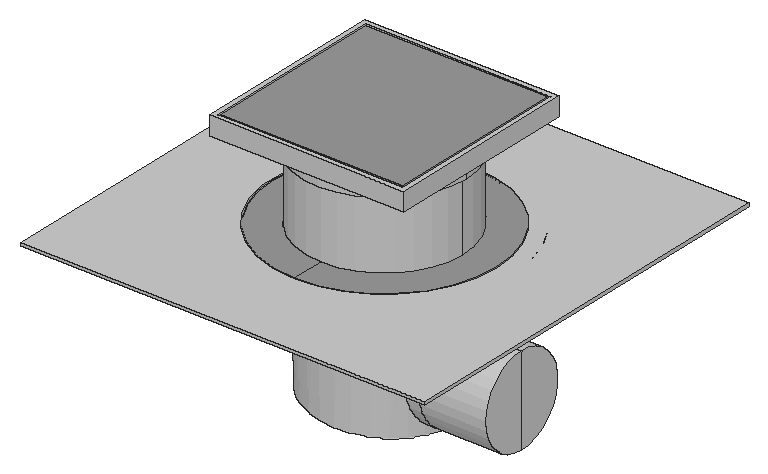
Revit family "HL_Дворовый трап серии Perfekt_HL615HSW", category Instalační zařizovací předměty, Revit 2016
Family settings
  Typ součásti = Normální
  Kóta kulaté spojky = Použít průměr
  Číslo OmniClass = 23.70.50.21.24.14
  Nadpis OmniClass = Deck Waste Water Drains
  Založené na pracovní rovině = Ne
  Vždy vertikální = Ano
  Ořezat dutým tvarem při načtení = Ne
  Sdílené = Ne
  Bod výpočtu místnosti = Ano
Parameters (values of type "HL_Дворовый трап серии Perfekt_HL615HSW")
  РЕШЁТКА = "Edelstahl 226x226mm"
  РАЗМЕР = "DN110"
  ПРОПУСКНАЯ СПОСОБНОСТЬ [instance] = 0.0 L/s
  ПРОИЗВОДИТЕЛЬНОСТЬ = "2,5 l/s"
  ПРАВОВАЯ ИНФОРМАЦИЯ = "\"Авторские права(©), права на дизайн или какие либо другие права интелектуальной собственности являются исключительной собственностью компании HL Hutterer & Lechner. Изменению не подлежит. Файл семейства с данными о прозводителе изделия защищен паролем с водяным знаком.\""
  НОМИНАЛЬНЫЙ ДИАМЕТР = 110 mm
  НАСАДКА = "42-130mm/240x240mm"
  МАТЕРИАЛ = "PP"
  МАКСИМАЛЬНАЯ НАГРУЗКА КЛАССА = "L - 1,5 t"
  ВЫСОТА МОНТАЖА = "218 mm"
  ВЕС = "4,5 kg"
  Výrobce = "HL Hutterer & Lechner GmbH"
  URL = "http://www.hutterer-lechner.com/ru/products/catalog/roof-drains/HL615HSW.aspx"
  Материал плитка [instance] = none
  Připojení ventilace = no
  Připojení odpadu = yes
  Připojení HW = no
  Připojení CW = no
  Popis = "Дворовый трап серии Perfekt DN110 горизонтальный выпуск"
  Model = "HL615HSW"
  Assembly Code = " "
  Komentáře k typům = "Дворовый трап серии Perfekt DN110 горизонтальный с битумным полотном, 240х240мм ПП/226х226мм нержавеющая сталь с водяным затвором."
  Keynote = "HL615HSW"
  IH [instance] = Высота монтажа 1 + Высота монтажа 2  # 130 mm
  Высота монтажа 2 [instance] = 0 mm
  Высота монтажа 1 [instance] = 130 mm
  G [instance] = 90.00°  # constant formula
  EAN = "9003076011490"
  D [instance] = 170 mm
  C [instance] = if(IH - 68 mm < 0 mm, 0 mm, IH - 68 mm)  # 62 mm
  B [instance] = 134.4 mm + IH  # 264.4 mm
  A [instance] = if(B - 100 mm > 15 mm, B - 100 mm, 15 mm)  # 164.4 mm
Types (2, lengths in mm): name | Výrobce | URL | Popis | Komentáře k typům
  (no name) | 0 | 0 | 0 | 0
  HL_Дворовый трап серии Perfekt_HL615HSW | "HL Hutterer & Lechner GmbH" | "http://www.hutterer-lechner.com/ru/products/catalog/roof-drains/HL615HSW.aspx" | "Дворовый трап серии Perfekt DN110 горизонтальный выпуск" | "Дворовый трап серии Perfekt DN110 горизонтальный с битумным полотном, 240х240мм ПП/226х226мм нержавеющая сталь с водяным затвором."
Values of the unnamed type that differ from the named types
  РЕШЁТКА = ""
  РАЗМЕР = ""
  ПРОИЗВОДИТЕЛЬНОСТЬ = ""
  ПРАВОВАЯ ИНФОРМАЦИЯ = ""
  НАСАДКА = ""
  МАТЕРИАЛ = ""
  МАКСИМАЛЬНАЯ НАГРУЗКА КЛАССА = ""
  ВЫСОТА МОНТАЖА = ""
  ВЕС = ""
  Model = ""
  Keynote = ""
  EAN = ""
Reference planes
  plane 1 "Center (Front/Back)": y = 0
  plane 2: z = 0
  plane 3 "Center (Left/Right)": x = 0
  plane 4: z = -264.4
  plane 5: z = -130
  plane 6: z = -130
Lines and regions (mm)
  model lines, style "InvisibleLines"
    curve 1: line (0, 0, 0) -> (0, 0, 20)
  model lines, style "PlumbingFixtures", detail levels coarse+medium
    curve 2: line (0, 0, -264.4) -> (0, 0, -100)
    curve 3: line (0, 0, -100) -> (-100, 0, 0)
    curve 4: line (0, 0, -100) -> (100, 0, 0)
    curve 6: line (0, 0, -264.4) -> (170, 0, -264.4)
  reference lines, not visible
    curve 5: line (0, 0, -264.4) -> (170, 0, -264.4)
  symbolic lines, style "PlumbingFixtures", detail levels coarse+medium
    curve 7: line (-75, 75, 0) -> (75, 75, 0)
    curve 8: line (-75, -75, 0) -> (-75, 75, 0)
    curve 9: line (75, -75, 0) -> (-75, -75, 0)
    curve 10: line (75, 75, 0) -> (75, -75, 0)
    curve 11: line (-75, 75, 0) -> (-145.711, 145.711, 0)
    curve 12: line (75, 75, 0) -> (145.711, 145.711, 0)
    curve 13: line (-75, -75, 0) -> (-145.711, -145.711, 0)
    curve 14: line (75, -75, 0) -> (145.711, -145.711, 0)
  symbolic lines, style "PlumbingFixtures", not visible, detail levels coarse+medium
    curve 15: line (-75, 75, 0) -> (75, 75, 0)
    curve 16: line (-75, -75, 0) -> (-75, 75, 0)
    curve 17: line (75, -75, 0) -> (-75, -75, 0)
    curve 18: line (75, 75, 0) -> (75, -75, 0)
    curve 19: line (-75, 75, 0) -> (-145.711, 145.711, 0)
    curve 20: line (75, 75, 0) -> (145.711, 145.711, 0)
    curve 21: line (-75, -75, 0) -> (-145.711, -145.711, 0)
    curve 22: line (75, -75, 0) -> (145.711, -145.711, 0)
Text (mm)
  text "FLOOR" at (-162.344, 0, -10.979), in view "Слева"
Dimensions and locks
  "B": plane 2 to plane 4
  "IH": plane 2 to plane 5
  "A": curve 4 to plane 4
  "D": curve 5 to curve 5
  "D": curve 6 to curve 6
  "Высота монтажа 1": plane 2 to plane 6
  locked: curve 4 to plane 3 "Center (Left/Right)" (angle 45.00°)
  locked: plane 3 "Center (Left/Right)" to curve 3 (angle 45.00°)
  "G": angle curve 5 to plane 3 "Center (Left/Right)"
  aligned and locked: level to plane 2
  aligned and locked: plane 2 to curve 4
  aligned and locked: plane 2 to curve 3
  aligned and locked: plane 4 to curve 5
  aligned and locked: curve 5 to plane 3 "Center (Left/Right)"
  aligned and locked: plane 4 to curve 2
  aligned and locked: plane 3 "Center (Left/Right)" to curve 6
  aligned and locked: curve 6 to plane 4
  aligned and locked: plane 3 "Center (Left/Right)" to nested 2
  aligned and locked: plane 2 to nested 2
  aligned and locked: nested 1 to plane 3 "Center (Left/Right)"
  aligned and locked: nested 1 to plane 5
  aligned and locked: plane 3 "Center (Left/Right)" to nested 3
  aligned and locked: nested 3 to nested 2
  aligned and locked: nested 4 to plane 3 "Center (Left/Right)"
  aligned and locked: nested 4 to nested 1
Automatic sketch dimensions
  plane 3 "Center (Left/Right)" to curve 2 = 0 mm
  curve 1 to plane 3 "Center (Left/Right)" = 0 mm
  curve 1 to level = 0 mm
  level to curve 1 = 20 mm
Nested families
  nested 1: "HL-кровельные воронки - корпус-HL615KH" at (0, 0, -132.127), type "HL-кровельные воронки - корпус-HL615KH"
  nested 2: "HL-Надставные элементы-HL622" at (0, 0, 0), Высота монтажа <- "Высота монтажа 1", type "HL-Надставные элементы-HL622"
    with Высота монтажа 130 mm, a 100 mm, Ihmin 42 mm, Ihmax 130 mm
  nested 3: "HL-Песколовка-HL0606.2E" at (0, 0, -22.999), type "HL-Песколовка-HL0606.2E"
  nested 4: "HL-Вкладыш запахозапирающий-HL0605.2E" at (0, 0, -192.289), type "HL-Вкладыш запахозапирающий-HL0605.2E"
Connectors
  piping at (170, 0, -264.4), diameter 110, driven by "ПРОПУСКНАЯ СПОСОБНОСТЬ", driven by "НОМИНАЛЬНЫЙ ДИАМЕТР"
    settings: on curve 5, index 1, connector inside diameter 609.6 mm, connector length 0 mm, flow factor 0, pipe flow 0.0 L/s, pressure drop 0.0 Pa, fitting loss kfactor 0, connector angle 0.00°, fixture units 0, engagement length 0 mm, angle of deflection 0.00°, flow configuration 1, flow direction 2, fitting loss method 0, system type 16, joint type 0, gender type 0, connector reference index -1, connector utility 0, adjustable connector yes, is connector primary yes, connector description ""
Definition of nested family "HL-кровельные воронки - корпус-HL615KH"
  Parameters (values of type "HL-кровельные воронки - корпус-HL615KH")
    РАЗМЕР = "DN110"
    ПРАВОВАЯ ИНФОРМАЦИЯ = "\"Авторские права(©), права на дизайн или какие либо другие права интелектуальной собственности являются исключительной собственностью компании HL Hutterer & Lechner. Изменению не подлежит. Файл семейства с данными о прозводителе изделия защищен паролем с водяным знаком.\""
    МАТЕРИАЛ = "PP"
    ВЫСОТА МОНТАЖА = "190 mm"
    ВЕС = "2,267 kg"
    Manufacturer = "HL Hutterer & Lechner GmbH"
    URL = "http://www.hutterer-lechner.com/ru/products/catalog/roof-drains/HL615KH.aspx"
    Description = "Дворовый трап серии Perfekt DN110 горизонтальный выпуск"
    Model = "HL615KH"
    материал 3 = none
    материал 2 = none
    материал = none
    Type Comments = "Корпус дворового трапа серии Perfekt DN110 горизонтальный с битумным полотном."
    Keynote = "HL615KH"
    EAN = "9003076012893"
    Cost = 0
  Values of the unnamed type that differ from the named types
    РАЗМЕР = ""
    ПРАВОВАЯ ИНФОРМАЦИЯ = ""
    МАТЕРИАЛ = ""
    ВЫСОТА МОНТАЖА = ""
    ВЕС = ""
    Manufacturer = ""
    URL = ""
    Description = ""
    Model = ""
    Type Comments = ""
    Keynote = ""
    EAN = ""
  Reference planes
    plane 1 "Střed (vpředu/vzadu)": y = 0
    plane 2: z = 0
    plane 3 "Střed (vlevo/vpravo)": x = 0
  Forms (mm)
    Revolve 1, solid, material <- "материал", detail levels fine
      sketch origin (0, 0, 16.838) x (1, 0, 0) y (0, 0, 1)
        loop
          line (-102.992, -29.032) -> (-102.992, -49.657) -> (-93.991, -49.657) -> (-93.991, -81.233) -> (-89.525, -81.233) -> (-89.525, -96.233) -> (-87.601, -206.46) -> (0, -206.46) -> (0, -142.233) -> (-85.48, -142.233) -> (-85.48, -77) -> (-90.064, -77) -> (-90.064, -42) -> (-98.519, -42) -> (-98.519, -20.158) -> (-146.118, -20.158) -> (-158.507, -16.838) -> (-158.507, -19.787) -> (-146.081, -23.116) -> (-137.541, -23.116) -> (-137.541, -29.032) -> (-102.992, -29.032)
        axis (0, -16.838) -> (0, -206.46)
      angle from 0 to 360
    Extrusion 2, void
      sketch origin (0, 0, 16.838) x (1, 0, 0) y (0, 0, 1)
        loop
          line (101.097, -207.584) -> (-103.425, -190.313) -> (-103.425, -230.313) -> (101.097, -230.313) -> (101.097, -207.584)
      from -118.5 to 100
    Revolve 3, solid, material <- "материал", detail levels fine
      sketch origin (0, 0, 16.838) x (1, 0, 0) y (0, 0, 1)
        loop
          line (170, -151.233) -> (52.576, -151.233) -> (52.576, -206.233) -> (87.576, -206.233) -> (170, -206.233) -> (170, -151.233)
        axis (52.576, -151.233) -> (170, -151.233)
      angle from 0 to 360
    Extrusion 4, void
      sketch origin (0, 0, 16.838) x (1, 0, 0) y (0, 1, 0)
        loop
          line (53.489, 64) -> (-15, 64) -> (-15, 82.049)
          arc (-15, 82.049) -> (-83.409, 0) -> (-15, -82.049) r 83.409
          line (-15, -82.049) -> (-15, -64) -> (53.489, -64)
          arc (53.489, -64) -> (83.409, 0) -> (53.489, 64) r 83.409
      from -186.135 to -66.314
    Extrusion 5, void
      sketch origin (400, 0, 16.838) x (1, 0, 0) y (0, 1, 0)
        loop
          line (-343.274, 64) -> (-415, 64) -> (-415, -64) -> (-344.352, -64)
          arc (-344.352, -64) -> (-313.891, -0.252) -> (-343.274, 64) r 83.409
      from -186.135 to -66.314
    Extrusion 6, solid, material <- "материал 3", detail levels fine
      sketch origin (0, 0, 0) x (1, 0, 0) y (0, 1, 0)
        loop
          line (250, 250) -> (-250, 250) -> (-250, -250) -> (250, -250) -> (250, 250)
        loop
          circle (0, 0) r 137.541
      from -1.369 to 2.127
    Revolve 7, solid, material <- "материал 2", detail levels fine
      sketch origin (0, 0, 0) x (0, 1, 0) y (0, 0, 1)
        loop
          line (139.097, 2.127) -> (98.528, 2.127) -> (98.528, 0) -> (139.097, 0) -> (139.097, 2.127)
        axis (0, 2.127) -> (0, 0)
      angle from 0 to 360
  Cuts and joins
    Extrusion 2, Extrusion 4 cuts Revolve 1
    Extrusion 2, Extrusion 5 cuts Revolve 3
  Dimensions and locks
    aligned and locked: level to plane 2
Definition of nested family "HL-Надставные элементы-HL622"
  Parameters
    РЕШЁТКА = ""
    РАЗМЕР = ""
    ПРАВОВАЯ ИНФОРМАЦИЯ = ""
    НАСАДКА = ""
    МАТЕРИАЛ = ""
    МАКСИМАЛЬНАЯ НАГРУЗКА КЛАССА = ""
    ВЫСОТА МОНТАЖА = ""
    ВЕС = ""
    a [instance] = if(Высота монтажа < Ihmin, -10 mm, if(Высота монтажа > Ihmax, -10 mm, Высота монтажа - 30 mm))  # 100 mm
    Manufacturer = ""
    URL = ""
    Description = ""
    Model = ""
    материал 2 = none
    материал = none
    Type Comments = ""
    Keynote = ""
    Высота монтажа [instance] = 130 mm
    Ihmin [instance] = 42 mm
    Ihmax [instance] = 130 mm
    EAN = ""
    Cost = 0
  Types (2, lengths in mm): name | РЕШЁТКА | РАЗМЕР | ПРАВОВАЯ ИНФОРМАЦИЯ | НАСАДКА | МАТЕРИАЛ | МАКСИМАЛЬНАЯ НАГРУЗКА КЛАССА | ВЫСОТА МОНТАЖА | ВЕС | Manufacturer | URL | Description | Model | Type Comments | Keynote | EAN
    (no name) | "" | "" | "" | "" | "" | "" | "" | "" | "" | "" | "" | "" | "" | "" | ""
    HL-Надставные элементы-HL622 | "Edelstahl 226x226mm" | "d 195mm" | "\"Авторские права(©), права на дизайн или какие либо другие права интелектуальной собственности являются исключительной собственностью компании HL Hutterer & Lechner. Изменению не подлежит. Файл семейства с данными о прозводителе изделия защищен паролем с водяным знаком.\"" | "240x240mm" | "PP, Edelstahl (V2A)" | "L - 1,5 t" | "144 mm" | "2,22 [kg]" | "HL Hutterer & Lechner GmbH" | "http://www.hutterer-lechner.com/ru/products/catalog/roof-drains/HL622.aspx" | "Надставные элементы" | "HL622" | "Насадка d 195мм/240х240мм/226х226мм высококачественная сталь" | "HL622" | "9003076014705"
  Reference planes
    plane 1 "Střed (vpředu/vzadu)": y = 0
    plane 2: z = 0
    plane 3 "Střed (vlevo/vpravo)": x = 0
    plane 4: z = -45
    plane 5: z = -145
  Forms (mm)
    Extrusion 1, solid, material <- "материал", detail levels fine
      sketch origin (0, 0, 0) x (1, 0, 0) y (0, 1, 0)
        loop
          line (-112.5, 112.5) -> (-112.5, -112.5) -> (112.5, -112.5) -> (112.5, 112.5) -> (-112.5, 112.5)
      from 0 to -20
    Extrusion 2, solid, material <- "материал 2", detail levels fine
      sketch origin (0, 0, 0) x (1, 0, 0) y (0, 1, 0)
        loop
          line (114.5, -114.5) -> (114.5, 114.5) -> (-114.5, 114.5) -> (-114.5, -114.5) -> (114.5, -114.5)
        loop
          line (-120, 120) -> (-120, -120) -> (120, -120) -> (120, 120) -> (-120, 120)
      from 0 to -20
    Extrusion 3, solid, material <- "материал 2", detail levels fine
      sketch origin (0, 0, 0) x (1, 0, 0) y (0, 1, 0)
        loop
          line (120, -120) -> (120, 120) -> (-120, 120) -> (-120, -120) -> (120, -120)
      from -20 to -23
    Revolve 4, solid, material <- "материал 2", detail levels fine
      sketch origin (0, 0, 0) x (1, 0, 0) y (0, 0, 1)
        loop
          line (0, -23) -> (-101.5, -23) -> (-101.5, -45) -> (0, -45) -> (0, -23)
        axis (0, -45) -> (0, -23)
      angle from 0 to 360
    Revolve 5, solid, material <- "материал 2", detail levels fine
      sketch origin (0, 0, 0) x (1, 0, 0) y (0, 0, 1)
        loop
          line (0, -45) -> (0, -145) -> (97.213, -145) -> (97.213, -45) -> (0, -45)
        axis (0, -45) -> (0, -145)
      angle from 0 to 360
  Cuts and joins
    joined: Extrusion 2, Extrusion 3
  Lines and regions (mm)
    model lines, detail levels fine
      curve 1: line (10.96, 46.315, 0) -> (45.608, 80.964, 0)
      curve 2: line (56.215, 70.357, 0) -> (21.567, 35.709, 0)
      curve 3: line (35.709, 21.567, 0) -> (70.357, 56.215, 0)
      curve 4: line (80.964, 45.608, 0) -> (46.315, 10.96, 0)
      curve 5: line (92, 7.5, 0) -> (72.5, 7.5, 0)
      curve 6: line (92, -7.5, 0) -> (72.5, -7.5, 0)
      curve 7: arc (92, -7.5, 0) -> (99.5, 0, 0) -> (92, 7.5, 0) r 7.5
      curve 8: arc (72.5, -7.5, 0) -> (65, 0, 0) -> (72.5, 7.5, 0) r 7.5
      curve 9: arc (80.964, 45.608, 0) -> (80.964, 56.215, 0) -> (70.357, 56.215, 0) r 7.5
      curve 10: arc (56.215, 70.357, 0) -> (56.215, 80.964, 0) -> (45.608, 80.964, 0) r 7.5
      curve 11: arc (21.567, 35.709, 0) -> (10.96, 35.709, 0) -> (10.96, 46.315, 0) r 7.5
      curve 12: arc (46.315, 10.96, 0) -> (35.709, 10.96, 0) -> (35.709, 21.567, 0) r 7.5
      curve 13: line (7.5, 92, 0) -> (7.5, 72.5, 0)
      curve 14: line (-7.5, 92, 0) -> (-7.5, 72.5, 0)
      curve 15: arc (-7.5, 92, 0) -> (0, 99.5, 0) -> (7.5, 92, 0) r 7.5
      curve 16: arc (-7.5, 72.5, 0) -> (0, 65, 0) -> (7.5, 72.5, 0) r 7.5
      curve 17: line (7.5, -92, 0) -> (7.5, -72.5, 0)
      curve 18: line (-7.5, -92, 0) -> (-7.5, -72.5, 0)
      curve 19: arc (-7.5, -92, 0) -> (0, -99.5, 0) -> (7.5, -92, 0) r 7.5
      curve 20: arc (-7.5, -72.5, 0) -> (0, -65, 0) -> (7.5, -72.5, 0) r 7.5
      curve 21: line (92, -7.5, 0) -> (72.5, -7.5, 0)
      curve 22: line (92, 7.5, 0) -> (72.5, 7.5, 0)
      curve 23: arc (92, 7.5, 0) -> (99.5, 0, 0) -> (92, -7.5, 0) r 7.5
      curve 24: arc (72.5, 7.5, 0) -> (65, 0, 0) -> (72.5, -7.5, 0) r 7.5
      curve 25: line (-92, -7.5, 0) -> (-72.5, -7.5, 0)
      curve 26: arc (-92, -7.5, 0) -> (-99.5, 0, 0) -> (-92, 7.5, 0) r 7.5
      curve 27: arc (-72.5, -7.5, 0) -> (-65, 0, 0) -> (-72.5, 7.5, 0) r 7.5
      curve 28: line (-92, -7.5, 0) -> (-72.5, -7.5, 0)
      curve 29: line (-92, 7.5, 0) -> (-72.5, 7.5, 0)
      curve 30: arc (-92, 7.5, 0) -> (-99.5, 0, 0) -> (-92, -7.5, 0) r 7.5
      curve 31: arc (-72.5, 7.5, 0) -> (-65, 0, 0) -> (-72.5, -7.5, 0) r 7.5
      curve 32: line (-10.96, 46.315, 0) -> (-45.608, 80.964, 0)
      curve 33: line (-56.215, 70.357, 0) -> (-21.567, 35.709, 0)
      curve 34: line (-35.709, 21.567, 0) -> (-70.357, 56.215, 0)
      curve 35: line (-80.964, 45.608, 0) -> (-46.315, 10.96, 0)
      curve 36: arc (-80.964, 45.608, 0) -> (-80.964, 56.215, 0) -> (-70.357, 56.215, 0) r 7.5
      curve 37: arc (-56.215, 70.357, 0) -> (-56.215, 80.964, 0) -> (-45.608, 80.964, 0) r 7.5
      curve 38: arc (-21.567, 35.709, 0) -> (-10.96, 35.709, 0) -> (-10.96, 46.315, 0) r 7.5
      curve 39: arc (-46.315, 10.96, 0) -> (-35.709, 10.96, 0) -> (-35.709, 21.567, 0) r 7.5
      curve 40: line (10.96, -46.315, 0) -> (45.608, -80.964, 0)
      curve 41: line (56.215, -70.357, 0) -> (21.567, -35.709, 0)
      curve 42: line (35.709, -21.567, 0) -> (70.357, -56.215, 0)
      curve 43: line (80.964, -45.608, 0) -> (46.315, -10.96, 0)
      curve 44: arc (80.964, -45.608, 0) -> (80.964, -56.215, 0) -> (70.357, -56.215, 0) r 7.5
      curve 45: arc (56.215, -70.357, 0) -> (56.215, -80.964, 0) -> (45.608, -80.964, 0) r 7.5
      curve 46: arc (21.567, -35.709, 0) -> (10.96, -35.709, 0) -> (10.96, -46.315, 0) r 7.5
      curve 47: arc (46.315, -10.96, 0) -> (35.709, -10.96, 0) -> (35.709, -21.567, 0) r 7.5
      curve 48: line (-10.96, -46.315, 0) -> (-45.608, -80.964, 0)
      curve 49: line (-56.215, -70.357, 0) -> (-21.567, -35.709, 0)
      curve 50: line (-35.709, -21.567, 0) -> (-70.357, -56.215, 0)
      curve 51: line (-80.964, -45.608, 0) -> (-46.315, -10.96, 0)
      curve 52: arc (-80.964, -45.608, 0) -> (-80.964, -56.215, 0) -> (-70.357, -56.215, 0) r 7.5
      curve 53: arc (-56.215, -70.357, 0) -> (-56.215, -80.964, 0) -> (-45.608, -80.964, 0) r 7.5
      curve 54: arc (-21.567, -35.709, 0) -> (-10.96, -35.709, 0) -> (-10.96, -46.315, 0) r 7.5
      curve 55: arc (-46.315, -10.96, 0) -> (-35.709, -10.96, 0) -> (-35.709, -21.567, 0) r 7.5
  Dimensions and locks
    plane 2 to plane 4 = 45 mm
    "a": plane 4 to Revolve 5 sketch curve
    plane 2 to plane 5 = 145 mm
    aligned and locked: level to plane 2
    aligned and locked: plane 4 to Revolve 5 sketch curve
  Automatic sketch dimensions
    curve 7 to curve 23 = 0 mm  (x2)
    curve 8 to curve 24 = 0 mm  (x2)
    curve 26 to curve 30 = 0 mm  (x2)
    curve 27 to curve 31 = 0 mm  (x2)
    plane 1 "Střed (vpředu/vzadu)" to curve 26 = 0 mm
    curve 16 to plane 3 "Střed (vlevo/vpravo)" = 0 mm
    curve 20 to plane 3 "Střed (vlevo/vpravo)" = 0 mm
    plane 1 "Střed (vpředu/vzadu)" to curve 24 = 0 mm
    curve 18 to plane 3 "Střed (vlevo/vpravo)" = 7.5 mm
    curve 14 to plane 3 "Střed (vlevo/vpravo)" = 7.5 mm
    curve 32 to plane 3 "Střed (vlevo/vpravo)" = 10.96 mm
    curve 48 to plane 3 "Střed (vlevo/vpravo)" = 10.96 mm
    curve 54 to curve 54 = 5.303 mm  (x2)
    curve 38 to curve 38 = 5.303 mm  (x2)
    curve 49 to curve 54 = 5.303 mm
    curve 33 to curve 38 = 5.303 mm
    curve 34 to curve 33 = 14.142 mm
    curve 50 to curve 49 = 14.142 mm
    curve 39 to curve 34 = 5.303 mm
    curve 55 to curve 50 = 5.303 mm
    curve 48 to curve 20 = 38.108 mm
    curve 32 to curve 14 = 38.108 mm
    curve 35 to plane 1 "Střed (vpředu/vzadu)" = 10.96 mm
    curve 35 to curve 39 = 5.303 mm
    plane 1 "Střed (vpředu/vzadu)" to curve 51 = 10.96 mm
    curve 51 to curve 55 = 5.303 mm
    curve 53 to curve 48 = 5.303 mm
    curve 37 to curve 32 = 5.303 mm
    curve 49 to curve 53 = 5.303 mm
    curve 33 to curve 37 = 5.303 mm  (x2)
    curve 34 to curve 37 = 14.142 mm
    curve 50 to curve 53 = 14.142 mm
    curve 27 to curve 39 = 26.185 mm
    curve 36 to curve 34 = 5.303 mm
    curve 52 to curve 50 = 5.303 mm
    curve 35 to plane 1 "Střed (vpředu/vzadu)" = 45.608 mm
    curve 35 to curve 36 = 5.303 mm  (x2)
    plane 1 "Střed (vpředu/vzadu)" to curve 51 = 45.608 mm
    curve 51 to curve 52 = 5.303 mm
    plane 1 "Střed (vpředu/vzadu)" to curve 28 = 7.5 mm
    curve 28 to curve 25 = 19.5 mm
    plane 3 "Střed (vlevo/vpravo)" to curve 1 = 10.96 mm
    plane 3 "Střed (vlevo/vpravo)" to curve 40 = 10.96 mm
    curve 11 to curve 11 = 5.303 mm
    curve 46 to curve 46 = 5.303 mm  (x2)
    curve 11 to curve 2 = 5.303 mm
    curve 46 to curve 41 = 5.303 mm
    curve 2 to curve 3 = 14.142 mm
    curve 41 to curve 42 = 14.142 mm  (x3)
    curve 42 to curve 47 = 5.303 mm
    curve 3 to curve 12 = 5.303 mm
    curve 13 to curve 1 = 38.108 mm
    curve 17 to curve 40 = 38.108 mm
    plane 1 "Střed (vpředu/vzadu)" to curve 43 = 10.96 mm
    curve 47 to curve 43 = 5.303 mm
    curve 4 to plane 1 "Střed (vpředu/vzadu)" = 10.96 mm
    curve 12 to curve 4 = 5.303 mm
    curve 1 to curve 10 = 5.303 mm
    curve 40 to curve 45 = 5.303 mm
    curve 45 to curve 41 = 5.303 mm  (x2)
    curve 10 to curve 2 = 5.303 mm
    curve 10 to curve 3 = 14.142 mm
    curve 43 to curve 24 = 26.185 mm
    curve 42 to curve 44 = 5.303 mm
    curve 3 to curve 9 = 5.303 mm
    plane 1 "Střed (vpředu/vzadu)" to curve 43 = 45.608 mm
    curve 44 to curve 43 = 5.303 mm
    curve 4 to plane 1 "Střed (vpředu/vzadu)" = 45.608 mm
    curve 9 to curve 4 = 5.303 mm
    curve 5 to plane 1 "Střed (vpředu/vzadu)" = 7.5 mm
    curve 22 to curve 5 = 19.5 mm
    plane 1 "Střed (vpředu/vzadu)" to curve 48 = 46.315 mm
    curve 48 to curve 40 = 0 mm
    curve 52 to curve 52 = 5.303 mm
    curve 44 to curve 44 = 5.303 mm
    curve 49 to curve 50 = 14.142 mm
    curve 17 to curve 40 = 26.185 mm
    curve 53 to curve 49 = 5.303 mm
    curve 17 to curve 20 = 19.5 mm
    curve 42 to curve 47 = 10.607 mm
    curve 50 to curve 51 = 10.607 mm
    curve 4 to curve 12 = 5.303 mm
    curve 39 to curve 39 = 5.303 mm
    curve 39 to curve 33 = 14.142 mm
    curve 12 to curve 2 = 14.142 mm
    curve 2 to curve 11 = 5.303 mm
    curve 9 to curve 9 = 5.303 mm
    curve 3 to curve 2 = 14.142 mm
    curve 36 to curve 33 = 14.142 mm
    curve 11 to curve 13 = 26.185 mm
    curve 2 to curve 10 = 5.303 mm
    curve 14 to curve 14 = 19.5 mm
    Extrusion 1 sketch curve to plane 3 "Střed (vlevo/vpravo)" = 112.5 mm
    plane 3 "Střed (vlevo/vpravo)" to Extrusion 1 sketch curve = 112.5 mm
    plane 1 "Střed (vpředu/vzadu)" to Extrusion 1 sketch curve = 112.5 mm
    Extrusion 1 sketch curve to plane 1 "Střed (vpředu/vzadu)" = 112.5 mm
    Extrusion 2 sketch curve to plane 3 "Střed (vlevo/vpravo)" = 120 mm
    Extrusion 2 sketch curve to Extrusion 2 sketch curve = 5.5 mm  (x4)
    plane 3 "Střed (vlevo/vpravo)" to Extrusion 2 sketch curve = 114.5 mm
    plane 1 "Střed (vpředu/vzadu)" to Extrusion 2 sketch curve = 120 mm
    Extrusion 2 sketch curve to plane 1 "Střed (vpředu/vzadu)" = 114.5 mm
    Extrusion 3 sketch curve to plane 3 "Střed (vlevo/vpravo)" = 120 mm
    plane 3 "Střed (vlevo/vpravo)" to Extrusion 3 sketch curve = 120 mm
    plane 1 "Střed (vpředu/vzadu)" to Extrusion 3 sketch curve = 120 mm
    Extrusion 3 sketch curve to plane 1 "Střed (vpředu/vzadu)" = 120 mm
    Revolve 4 sketch curve to plane 4 = 0 mm
    Revolve 4 sketch curve to plane 3 "Střed (vlevo/vpravo)" = 0 mm  (x2)
    plane 4 to Revolve 4 sketch curve = 22 mm
    Revolve 4 sketch curve to plane 3 "Střed (vlevo/vpravo)" = 101.5 mm
    level to Revolve 4 sketch curve = 32 mm
    Revolve 4 sketch curve to Revolve 4 sketch curve = 90 mm
    Revolve 5 sketch curve to plane 3 "Střed (vlevo/vpravo)" = 0 mm  (x2)
    plane 3 "Střed (vlevo/vpravo)" to Revolve 5 sketch curve = 97.213 mm
    Revolve 5 sketch curve to plane 5 = 38.999 mm
    Revolve 5 sketch curve to Revolve 5 sketch curve = 52 mm
Definition of nested family "HL-Песколовка-HL0606.2E"
  Parameters (values of type "HL-Песколовка-HL0606.2E")
    ПРАВОВАЯ ИНФОРМАЦИЯ = "\"Авторские права(©), права на дизайн или какие либо другие права интелектуальной собственности являются исключительной собственностью компании HL Hutterer & Lechner. Изменению не подлежит. Файл семейства с данными о прозводителе изделия защищен паролем с водяным знаком.\""
    МАТЕРИАЛ = "PP"
    ВЕС = "0,09 kg"
    Manufacturer = "HL Hutterer & Lechner GmbH"
    URL = "http://www.hutterer-lechner.com/ru/products/catalog/roof-drains/HL0606.2E.aspx"
    Description = "Песколовка"
    Model = "HL0606.2E"
    материал = none
    Type Comments = "Песколовка"
    Keynote = "HL0606.2E"
    EAN = "9003076060627"
    Cost = 0
  Values of the unnamed type that differ from the named types
    ПРАВОВАЯ ИНФОРМАЦИЯ = ""
    МАТЕРИАЛ = ""
    ВЕС = ""
    Manufacturer = ""
    URL = ""
    Description = ""
    Model = ""
    Type Comments = ""
    Keynote = ""
    EAN = ""
  Reference planes
    plane 1 "Střed (vpředu/vzadu)": y = 0
    plane 2: z = 0
    plane 3 "Střed (vlevo/vpravo)": x = 0
  Forms (mm)
    Revolve 1, solid, material <- "материал", detail levels fine
      sketch origin (0, 0, 0) x (1, 0, 0) y (0, 0, 1)
        loop
          line (0, -55.952) -> (0, -58.018) -> (57.601, -56.006)
          arc (57.601, -56.006) -> (65.932, -53.053) -> (69.532, -44.98) r 11.208
          line (69.532, -44.98) -> (72.482, -41.586) -> (75.031, -12.448) -> (75.865, -6.515)
          arc (75.865, -6.515) -> (76.428, -5.156) -> (77.786, -4.594) r 1.921
          line (77.786, -4.594) -> (95.979, -3.002) -> (95.979, -0.001) -> (73.246, -1.99) -> (69.436, -41.391) -> (67.501, -43.326)
          arc (67.501, -43.326) -> (65.111, -51.02) -> (57.603, -53.94) r 9.273
          line (57.603, -53.94) -> (0, -55.952)
        axis (0, -58.018) -> (0, -0.001)
      angle from 0 to 360
  Dimensions and locks
    aligned and locked: level to plane 2
Definition of nested family "HL-Вкладыш запахозапирающий-HL0605.2E"
  Parameters
    ПРАВОВАЯ ИНФОРМАЦИЯ = ""
    МАТЕРИАЛ = ""
    ВЕС = ""
    Manufacturer = ""
    URL = ""
    Description = ""
    Model = ""
    материал 2 = none
    материал = none
    Type Comments = ""
    Keynote = ""
    EAN = ""
    Cost = 0
  Types (2, lengths in mm): name | ПРАВОВАЯ ИНФОРМАЦИЯ | МАТЕРИАЛ | ВЕС | Manufacturer | URL | Description | Model | Type Comments | Keynote | EAN
    (no name) | "" | "" | "" | "" | "" | "" | "" | "" | "" | ""
    HL-Вкладыш запахозапирающий-HL0605.2E | "\"Авторские права(©), права на дизайн или какие либо другие права интелектуальной собственности являются исключительной собственностью компании HL Hutterer & Lechner. Изменению не подлежит. Файл семейства с данными о прозводителе изделия защищен паролем с водяным знаком.\"" | "PP" | "0,192 kg" | "HL Hutterer & Lechner GmbH" | "http://www.hutterer-lechner.com/ru/products/catalog/roof-drains/HL0605.2E.aspx" | "Вкладыш запахозапирающий" | "HL0605.2E" | "Вкладыш водяного затвора комплектный" | "HL0605.2E" | "9003076009725"
  Reference planes
    plane 1 "Střed (vpředu/vzadu)": y = 0
    plane 2: z = 0
    plane 3 "Střed (vlevo/vpravo)": x = 0
  Forms (mm)
    Revolve 1, solid, material <- "материал 2", detail levels fine
      sketch origin (0, 0, 0) x (1, 0, 0) y (0, 0, 1)
        loop
          line (88, -3) -> (88, 0) -> (82.921, 0) -> (82.921, -1.338) -> (78.867, -6.169) -> (78.867, -19.629) -> (76.315, -48.796)
          arc (76.315, -48.796) -> (75.558, -51.125) -> (73.796, -52.827) r 5.066
          line (73.796, -52.827) -> (58.029, -61.938) -> (58.029, -93.034) -> (53.399, -98) -> (41.859, -98) -> (41.859, -83.043) -> (45.35, -83.043) -> (45.35, -33) -> (29.878, -33) -> (29.878, -100) -> (52.94, -100)
          arc (52.94, -100) -> (57.932, -97.932) -> (60, -92.939) r 7.061
          line (60, -92.939) -> (60, -65.894)
          arc (60, -65.894) -> (60.671, -63.394) -> (62.5, -61.564) r 5.003
          line (62.5, -61.564) -> (74.706, -54.511)
          arc (74.706, -54.511) -> (77.106, -52.212) -> (78.174, -49.065) r 6.994
          line (78.174, -49.065) -> (81.088, -15.754) -> (83.996, -15.499) -> (83.996, -12.378)
          arc (83.996, -12.378) -> (85.775, -10) -> (83.996, -7.623) r 2.478
          line (83.996, -7.623) -> (83.996, -3) -> (88, -3)
        axis (0, 0) -> (0, -100)
      angle from 0 to 360
    Revolve 2, solid, material <- "материал", detail levels fine
      sketch origin (0, 0, 0) x (1, 0, 0) y (0, 0, 1)
        loop
          line (47.229, -83.043) -> (47.229, -28.043)
          arc (47.229, -28.043) -> (43.63, -19.353) -> (34.94, -15.754) r 12.289
          line (34.94, -15.754) -> (0, -15.754) -> (0, -48.796) -> (45.35, -48.796) -> (45.35, -83.043) -> (47.229, -83.043)
        axis (0, -83.043) -> (0, -15.754)
      angle from 0 to 360
  Dimensions and locks
    aligned and locked: level to plane 2
